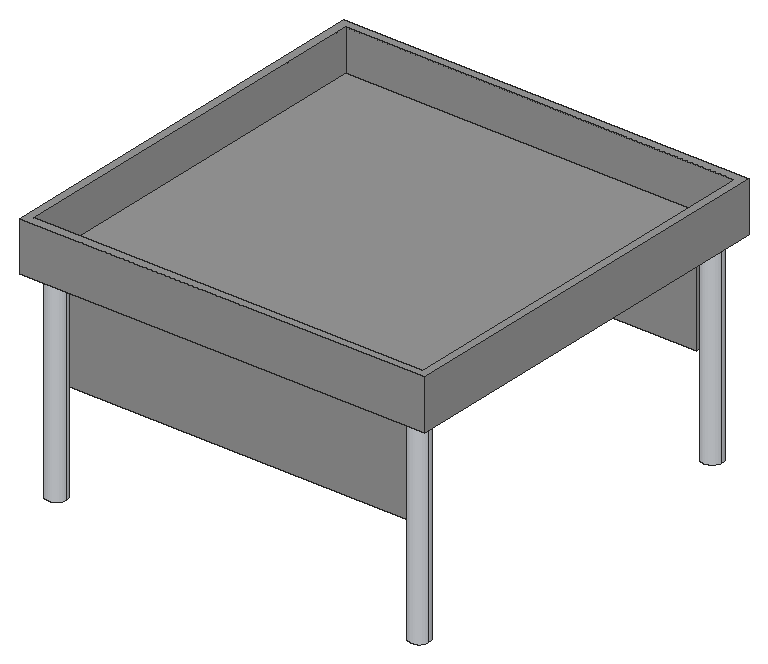
Revit family "Nivellierbare Kassette für Revisionsöffnung, RKN, 25, 9", category Generic Models, Revit 2015
Parameters (values of type "RKN2 9 MS 25")
  Width = 243 mm
  URL = "http://www.obo-bettermann.com"
  Material = Brass, Soft Yellow, Welded
  Manufacturer Art.No. = "7409024"
  Manufacturer = "OBO Bettermann"
  Length = 243 mm
  HeightCalc = if(Height < 105 mm, 105 mm, (if(Height > 155 mm, 155 mm, Height)))  # 150 mm
  Height 1 = 30 mm
  Height = 150 mm
  GTIN = "4012195867647"
  Cut depth = 25 mm
  Article Type = "RKN2 9 MS 25"
Types (3, lengths in mm): name | Material | Manufacturer Art.No. | GTIN | Article Type
  (no name) | Brass, Soft Yellow, Welded | "7409024" | "4012195867647" | "RKN2 9 MS 25"
  RKN2 9 VS 25 | Stainless Steel, Polished | "7409046" | "4012195867821" | "RKN2 9 VS 25"
  RKN2 9 MS 25 | Brass, Soft Yellow, Welded | "7409024" | "4012195867647" | "RKN2 9 MS 25"
Reference planes
  plane 1 "Center (Front/Back)": y = 0
  plane 2: z = 0
  plane 3 "Center (Left/Right)": x = 0
  plane 4: y = 121.5
  plane 5: y = -121.5
  plane 6: z = 150
  plane 7: z = 59
  plane 8: z = 125
  plane 9: z = 120
Forms (mm)
  Extrusion 1, solid
    sketch origin (0, 0, 0) x (1, 0, 0) y (0, 1, 0)
      loop
        circle (-109, -110) r 6
      loop
        circle (-109, 110) r 6
      loop
        circle (109, 110) r 6
      loop
        circle (109, -110) r 6
    from 0 to 120
  Extrusion 2, solid, material "Brass, Soft Yellow, Welded" <- "Material"
    sketch origin (0, 0, 0) x (1, 0, 0) y (0, 0, 1)
      loop
        line (-121.5, 150) -> (-121.5, 120) -> (121.5, 120) -> (121.5, 150) -> (-121.5, 150)
    from -121.5 to 121.5
  Extrusion 3, solid, material "Brass, Soft Yellow, Welded" <- "Material"
    sketch origin (0, 0, 0) x (1, 0, 0) y (0, 1, 0)
      loop
        line (-104.2, -104.3) -> (-104.2, -106.3) -> (104.2, -106.3) -> (104.2, -104.3) -> (-104.2, -104.3)
      loop
        line (-104.2, 106.3) -> (-104.2, 104.3) -> (104.2, 104.3) -> (104.2, 106.3) -> (-104.2, 106.3)
    from 59 to 120
  Extrusion 4, void
    sketch origin (0, 0, 0) x (1, 0, 0) y (0, 1, 0)
      loop
        line (-117.05, 117.05) -> (-117.05, -117.05) -> (117.05, -117.05) -> (117.05, 117.05) -> (-117.05, 117.05)
    from 125 to 150
Cuts and joins
  Extrusion 4 cuts Extrusion 1
  Extrusion 4 cuts Extrusion 2
  Extrusion 4 cuts Extrusion 3
Dimensions and locks
  "Width": Extrusion 2 sketch curve to Extrusion 2 sketch curve
  "HeightCalc": plane 6 to level
  locked: Extrusion 3 sketch curve to Extrusion 3 sketch curve at 208.4  (x2)
  locked: Extrusion 3 sketch curve to Extrusion 2 at 15.2
  locked: Extrusion 3 sketch curve to Extrusion 3 sketch curve at 2  (x2)
  "Cut depth": plane 6 to plane 8
  "Length": plane 4 to plane 5
  locked: plane 3 "Center (Left/Right)" to Extrusion 2 sketch curve at 121.5
  locked: plane 4 to plane 1 "Center (Front/Back)" at 121.5
  locked: Extrusion 1 sketch curve to plane 1 "Center (Front/Back)" at 110  (x2)
  locked: plane 3 "Center (Left/Right)" to Extrusion 1 sketch curve at 109  (x2)
  locked: Extrusion 1 sketch curve to plane 3 "Center (Left/Right)" at 109  (x2)
  locked: plane 1 "Center (Front/Back)" to Extrusion 1 sketch curve at 110  (x2)
  "Height 1": plane 6 to plane 9
  locked: Extrusion 3 sketch curve to plane 3 "Center (Left/Right)" at 104.2  (x2)
  locked: cut or joined group of Extrusion 2, Extrusion 4 to Extrusion 3 sketch curve at 15.2
  locked: plane 9 to plane 7 at 61
  locked: Extrusion 4 sketch curve to Extrusion 4 sketch curve at 234.1  (x2)
  equal spacing: Extrusion 4 sketch curve, plane 3 "Center (Left/Right)", Extrusion 4 sketch curve, locked at 117.05 each
  equal spacing: Extrusion 4 sketch curve, plane 1 "Center (Front/Back)", Extrusion 4 sketch curve, locked at 117.05 each
  diameter of Extrusion 1 sketch curve = 12 mm  (x4)
  aligned and locked: level to plane 2
  aligned and locked: plane 5 to Extrusion 2
  aligned and locked: Extrusion 2 to plane 4
  aligned and locked: plane 6 to Extrusion 2
  aligned and locked: Extrusion 1 to Extrusion 3
  aligned and locked: Extrusion 3 to plane 7
  aligned and locked: cut or joined group of Extrusion 2, Extrusion 4 to Extrusion 4
  aligned and locked: Extrusion 4 to plane 8
  aligned and locked: Extrusion 2 to plane 9
  aligned and locked: Extrusion 1 to cut or joined group of Extrusion 2, Extrusion 4
Automatic sketch dimensions
  Extrusion 2 sketch curve to plane 6 = 0 mm
  plane 9 to Extrusion 2 sketch curve = 0 mm
